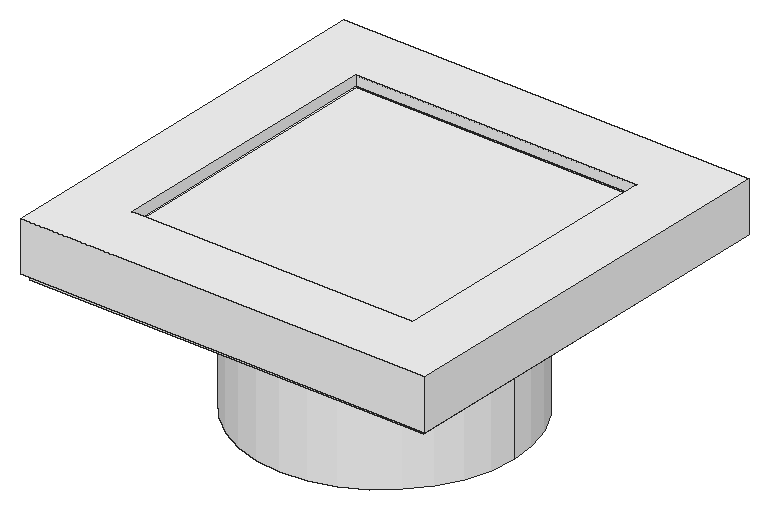
Revit family "Gira_012803", category Electrical Fixtures, host Face, Revit 2017
Family settings
  Host = Face
  Maintain Annotation Orientation = Yes
  Round Connector Dimension = Use Diameter
  Part Type = Normal
  Cut with Voids When Loaded = No
  Shared = No
  Room Calculation Point = No
Parameters (values of type "Tastschalter Wechselsch. 2f System 55 Reinweiß")
  Zusammenstellung = "Basiselement mit zentraler Abdeckplatte"
  White [instance] = White
  Werkstoffgüte = "sonstige"
  Werkstoff = "sonstige"
  Waschmaschinenschalter = "No"
  URL = "http://katalog.gira.de/de_DE/datenblatt.html?artikelnr=012803"
  Textfeld/Beschriftungsfläche = "nein"
  Tastschalter = "Yes"
  Schaltungsart = "Wechsel-/Wechselschalter"
  Rückmeldekontakt = "No"
  Region = "DE"
  RAL-Nummer (ähnlich) = "9010 "
  Oberfläche = "sonstige"
  Nennspannung = "250 Volt"
  Name = "Tastschalter Wechselsch. 2f System 55 Reinweiß"
  Montageart = "unter Putz"
  Model = "Sys55_Komplettgerät_Schalten und Tasten"
  Mit Montageplatte = "No"
  Manufacturer URL = "https://www.gira.de/"
  HeinzeBIM = "https://bimportal.heinze.de/bim/tastschalter-wechselsch-2f-system-55-reinweiss/1cee8267e8fd8177bb1789cf649ea13796b646d7"
  Halogenfrei = "Yes"
  HAN = "012803"
  Geeignet für Schutzart (IP) = "IP20"
  GTIN = "4010337128038"
  Farbe = "weiß"
  Default Elevation = 1219.2 mm
  Data sheet (1) = "https://katalog.gira.de/de_DE/download.html?artikelnr=012803"
  Category = "Installationsschalter"
  Bemessungsstrom = "10 Ampere"
  Beleuchtung = "nein"
  Befestigungsart = "Krallen-/Schraubbefestigung"
  Bedienungsart = "Wippe/Taste"
  Available = "Yes"
  Ausführung der Oberfläche = "glänzend"
  Anzahl der Module (bei Modulbauweise) = "1 "
  Anzahl der Betätigungswippen = "2 "
  Anschlussart = "Steckklemme"
Reference planes
  plane 1 "Center (Front/Back)": y = 0
  plane 2: z = 0
  plane 3 "Center (Left/Right)": x = 0
Forms (mm)
  Extrusion 1, solid, material "White" <- "White", detail levels medium
    sketch origin (0, 0, 0) x (1, 0, 0) y (0, 1, 0)
      loop
        line (-40.4, 40.4) -> (-40.4, -40.4) -> (40.4, -40.4) -> (40.4, 40.4) -> (-40.4, 40.4)
      loop
        line (-28, 28) -> (-28, -28) -> (28, -28) -> (28, 28) -> (-28, 28)
    from 0 to 10
  Extrusion 2, solid, material "White" <- "White", detail levels fine
    sketch origin (0, 0, 0) x (1, 0, 0) y (0, 1, 0)
      loop
        line (-40.4, 40.4) -> (-40.4, -40.4) -> (40.4, -40.4) -> (40.4, 40.4) -> (-40.4, 40.4)
      loop
        line (-28, 28) -> (-28, -28) -> (28, -28) -> (28, 28) -> (-28, 28)
    from 0 to 10
  Extrusion 3, void
    sketch origin (0, 0, 0) x (1, 0, 0) y (0, 1, 0)
      loop
        line (-38.4, 38.4) -> (-38.4, -38.4) -> (38.4, -38.4) -> (38.4, 38.4) -> (-38.4, 38.4)
    from 0 to 8
  Extrusion 4, solid, material "White" <- "White", detail levels medium+fine
    sketch origin (0, 0, 0) x (1, 0, 0) y (0, 1, 0)
      loop
        line (-39.4, 39.4) -> (-39.4, -39.4) -> (39.4, -39.4) -> (39.4, 39.4) -> (-39.4, 39.4)
    from 0 to -1
  Extrusion 5, solid, material "White" <- "White", detail levels medium+fine
    sketch origin (0, 0, 0) x (1, 0, 0) y (0, 1, 0)
      loop
        line (-35.5, 35.5) -> (-35.5, -35.5) -> (35.5, -35.5) -> (35.5, 35.5) -> (-35.5, 35.5)
    from -2 to -3
  Extrusion 6, solid, material "White" <- "White", detail levels medium+fine
    sketch origin (0, 0, 0) x (1, 0, 0) y (0, 1, 0)
      loop
        circle (0, 0) r 26
    from 0 to -27.5
  Extrusion 7, solid, material "White" <- "White", detail levels coarse
    sketch origin (0, 0, 0) x (1, 0, 0) y (0, 1, 0)
      loop
        line (-40.4, 40.4) -> (-40.4, -40.4) -> (40.4, -40.4) -> (40.4, 40.4) -> (-40.4, 40.4)
    from -27.5 to 10
Cuts and joins
  Extrusion 3 cuts Extrusion 2
Dimensions and locks
  aligned and locked: plane 2 to host face
  aligned and locked: level to host face
  aligned and locked: plane 3 "Center (Left/Right)" to nested 2
  aligned and locked: plane 1 "Center (Front/Back)" to nested 2
Nested families
  nested 1: "Sys55_Abdeckung_Schalten und Tasten_floor_base" at (0, 0, 0), type "Sys55_Abdeckung_Schalten und Tasten_floor_base"
  nested 2: "Schalter" at (0, 0, 0), type "Schalter"
Connectors
  electrical at (0, 0, -27.5)
    settings: on Extrusion 6, index 1, voltage 220 V, apparent load 0 VA, apparent load phase1 0 VA, apparent load phase2 0 VA, apparent load phase3 0 VA, power factor 1, load classification "Other", number of poles 1, system type 30, power factor state 1, is connector primary yes, connector utility no, sub classification motor no, connector description ""
Definition of nested family "Sys55_Abdeckung_Schalten und Tasten_floor_base"
  Parameters
    Default Elevation = 1219.2 mm
    White [instance] = none
  Reference planes
    plane 1 "Center (Front/Back)": y = 0
    plane 2: z = 0
    plane 3 "Center (Left/Right)": x = 0
  Forms (mm)
    Extrusion 1, solid
      sketch origin (0, 0, 0) x (1, 0, 0) y (0, 1, 0)
        loop
          line (-1219.2, 1219.2) -> (-1219.2, -1219.2) -> (1219.2, -1219.2) -> (1219.2, 1219.2) -> (-1219.2, 1219.2)
      from 0 to -304.8
    Extrusion 2, solid, material <- "White", detail levels fine
      sketch origin (0, 0, 0) x (1, 0, 0) y (0, 1, 0)
        loop
          line (-27.5, 27.5) -> (-27.5, -27.5) -> (27.5, -27.5) -> (27.5, 27.5) -> (-27.5, 27.5)
      from 0 to 8
    Extrusion 3, void
      sketch origin (0, 0, 0) x (1, 0, 0) y (0, 1, 0)
        loop
          line (26, 26) -> (-26, 26) -> (-26, -26) -> (26, -26) -> (26, 26)
      from 0 to 6
    Extrusion 4, solid, material <- "White", detail levels medium
      sketch origin (0, 0, 0) x (1, 0, 0) y (0, 1, 0)
        loop
          line (-27.5, 27.5) -> (-27.5, -27.5) -> (27.5, -27.5) -> (27.5, 27.5) -> (-27.5, 27.5)
      from 0 to 8
    Extrusion 5, solid, material <- "White", detail levels medium
      sketch origin (0, 0, 0) x (1, 0, 0) y (0, 1, 0)
        loop
          line (11, -17.5) -> (11, 17.5) -> (-11, 17.5) -> (-11, -17.5) -> (11, -17.5)
      from -6 to 6
    Extrusion 6, solid, material <- "White", detail levels fine
      sketch origin (0, 0, 0) x (1, 0, 0) y (0, 1, 0)
        loop
          line (11, 17.5) -> (-11, 17.5) -> (-11, 16.5) -> (11, 16.5) -> (11, 17.5)
        loop
          line (-11, -16.5) -> (-11, -17.5) -> (11, -17.5) -> (11, -16.5) -> (-11, -16.5)
      from -4 to 6
    Extrusion 7, solid, material <- "White", detail levels fine
      sketch origin (0, 0, 0) x (1, 0, 0) y (0, 1, 0)
        loop
          arc (5, 9.347) -> (0, 10.6) -> (-5, 9.347) r 10.6
          line (-5, 9.347) -> (-5, -9.347)
          arc (-5, -9.347) -> (0, -10.6) -> (5, -9.347) r 10.6
          line (5, -9.347) -> (5, 9.347)
      from -6 to 6
    Extrusion 8, solid, material <- "White", detail levels coarse
      sketch origin (0, 0, 0) x (1, 0, 0) y (0, 1, 0)
        loop
          line (-27.5, 27.5) -> (-27.5, -27.5) -> (27.5, -27.5) -> (27.5, 27.5) -> (-27.5, 27.5)
      from -6 to 8
  Cuts and joins
    Extrusion 3 cuts Extrusion 2
  Dimensions and locks
    aligned and locked: plane 2 to Extrusion 1
    aligned and locked: level to Extrusion 1
Definition of nested family "Schalter"
  Reference planes
    plane 1: y = 0
    plane 2: x = 0
  Lines and regions (mm)
    detail lines
      curve 1: circle (1.375, 2.778, 0) r 0.8 normal (0, 0, 1)
      curve 2: line (1.021, 2.061, 0) -> (0, 0, 0)
      curve 3: line (0, 0, 0) -> (-0.538, 0.266, 0)
  Dimensions and locks
    curve 2 to curve 2 = 2.3 mm
    curve 3 to curve 2 = 0.6 mm
    radius of curve 1 = 0.8 mm
